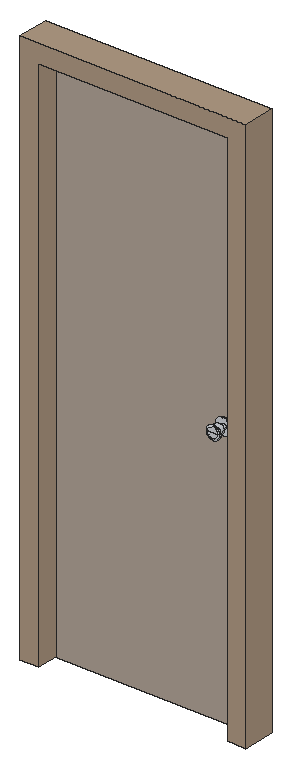
Revit family "D6_木門", category 門, Revit 2014
Parameters (values of type "85 x 210 cm")
  熱阻 (R) = 0.270117 (m²·K)/W
  Visual Light Transmittance = 0
  Solar Heat Gain Coefficient = 0
  營造類型 Id = "MDOOR"
  關鍵註記 = "單開門-矩形"
  傳熱係數 (U) = 3.7021 W/(m²·K)
  功能 = 室內
  門扇材料 = none
  門扇寬度 = Width - 2 * 開門側框寬度  # 750 mm
  門扇厚度 = 40 mm
  Assembly Code = ""
  Rough Height = Height  # 2100 mm
  Rough Width = Width  # 850 mm
  框架深度 = 120 mm
  框擋板寬度 = 門扇厚度 / 2  # 20 mm
  框總寬度 [instance] = 開門側框寬度 + 框擋板寬度  # 70 mm
  Height = 2100 mm
  牆封閉 = 依主體
  框架材料 = none
  開門側框寬度 = 50 mm
  握把五金 = none
  Width = 850 mm
  操作 = "左單開門方向"
  解析營造 = "金屬"
Reference planes
  plane 1: y = -210
  plane 2 "中心 (左/右)": x = 0
  plane 3 "左": x = -425
  plane 4 "右": x = 425
  plane 5: z = 2100
  plane 6 "外部": y = -135
  plane 7 "內部": y = -285
  plane 8: y = 320
  plane 9: y = -740
  plane 10: z = 1050
Forms (mm)
  Sweep 1, solid, material "橡木、紅色"
    path origin (-5000, -210, 0) x (-1, 0, 0) y (0, 0, 1)
      loop
        line (-5425, 0) -> (-5425, 2100) -> (-4575, 2100) -> (-4575, 0)
    profile origin (425, -210, 1050) x (1, 0, 0) y (0, 1, 0)
      loop
        line (0, 60) -> (-50, 60) -> (-50, 20) -> (-70, 20) -> (-70, -60) -> (0, -60) -> (0, 60)
  Extrusion 2, solid, material "橡木、白色"
    sketch origin (-5000, -210, 0) x (1, 0, 0) y (0, 0, 1)
      loop
        line (4625, 2050) -> (4625, 0) -> (5375, 0) -> (5375, 2050) -> (4625, 2050)
    from -60 to -20
Lines and regions (mm)
  Opening 1
    outline origin (-3050, -285, 0) x (1, 0, 0) y (0, 0, 1)
      loop
        line (2625, 0) -> (3475, 0) -> (3475, 2100) -> (2625, 2100) -> (2625, 0)
  symbolic lines, style "Doors"
    curve 1: line (-375, -150, 0) -> (-335, -150, 0)
    curve 2: line (-375, 600, 0) -> (-375, -150, 0)
    curve 3: line (-335, 600, 0) -> (-375, 600, 0)
    curve 4: line (-335, -150, 0) -> (-335, 600, 0)
  symbolic lines, style "平面圖打開方向"
    curve 5: arc (375, -150, 0) -> (169.289, 365.994, 0) -> (-335, 598.933, 0) r 750
  symbolic lines, style "DoorsFrameMullionProjection"
    curve 6: line (-375, -150, 0) -> (-425, -150, 0)
    curve 7: line (-375, -270, 0) -> (-375, -150, 0)
    curve 8: line (-425, -270, 0) -> (-375, -270, 0)
    curve 9: line (-425, -150, 0) -> (-425, -270, 0)
    curve 10: line (375, -150, 0) -> (425, -150, 0)
    curve 11: line (375, -270, 0) -> (375, -150, 0)
    curve 12: line (425, -270, 0) -> (375, -270, 0)
    curve 13: line (425, -150, 0) -> (425, -270, 0)
  symbolic lines, style "立面圖打開方向"
    curve 14: line (-425, -285, 1050) -> (425, -285, 0)
    curve 15: line (-425, -135, 1050) -> (425, -135, 2100)
Text (mm)
  text "外部" at (-2295.016, 1099.543, 0), in view "參考樓層"
  text "外部" at (0, 1615.38, 3698.081), in view "左"
  text "外部" at (0, 1036.032, 3874.932), in view "右"
Dimensions and locks
  equal spacing: plane 3 "左", plane 2 "中心 (左/右)", plane 4 "右"
  "Width": plane 3 "左" to plane 4 "右"
  "Height": plane 5 to host wall
  host wall to plane 5 = 2100 mm  (x2)
  locked: plane 6 "外部" to host wall at 0
  locked: plane 7 "內部" to host wall
  equal spacing: Sweep 1 sketch curve, host wall, Sweep 1 sketch curve
  "框架深度": Sweep 1 sketch curve to Sweep 1 sketch curve
  "門扇厚度": Sweep 1 sketch curve to Sweep 1 sketch curve
  "開門側框寬度": Sweep 1 sketch curve to Sweep 1 sketch curve
  "框擋板寬度": Sweep 1 sketch curve to Sweep 1 sketch curve
  "Width": Sweep 1 sketch curve to Sweep 1 sketch curve
  "門扇厚度": curve 2 to curve 4
  "門扇寬度": curve 3 to curve 1
  "開門側框寬度": curve 11 to Sweep 1
  "開門側框寬度": curve 9 to curve 7
  equal spacing: Sweep 1, host wall, Sweep 1  (x2)
  "框架深度": Sweep 1 to Sweep 1  (x2)
  equal spacing: curve 6, plane 1, curve 8
  "框架深度": curve 6 to curve 8
  equal spacing: curve 12, plane 1, curve 10
  "框架深度": curve 12 to curve 10
  locked: nested 2 to Sweep 1 at 75
  locked: nested 1 to Sweep 1 at 75
  equal spacing: plane 8, plane 1, plane 9
  plane 8 to plane 9 = 1060 mm
  "門扇厚度": Extrusion 2 to Extrusion 2
  equal spacing: plane 5, plane 10, level
  "門扇寬度": radius of curve 5
  aligned and locked: plane 3 "左" to Opening 1 sketch curve
  aligned and locked: plane 5 to Opening 1 sketch curve  (x2)
  aligned and locked: Opening 1 sketch curve to plane 4 "右"
  aligned and locked: Opening 1 sketch curve to level
  aligned and locked: plane 1 to host wall
  aligned and locked: Sweep 1 to Extrusion 2 sketch curve
  aligned and locked: Extrusion 2 sketch curve to Sweep 1  (x2)
  aligned and locked: level to Extrusion 2 sketch curve
  aligned and locked: Extrusion 2 to Sweep 1
  aligned and locked: nested 1 to Extrusion 2
  aligned and locked: Extrusion 2 to nested 2
  aligned and locked: plane 4 "右" to curve 15
  aligned and locked: plane 5 to curve 15
  aligned and locked: level to curve 14
  aligned and locked: plane 4 "右" to curve 14
  aligned and locked: plane 10 to curve 15
  aligned and locked: plane 3 "左" to curve 15
  aligned and locked: curve 14 to curve 15
Automatic sketch dimensions
  Sweep 1 sketch curve to plane 4 "右" = 0 mm
  Sweep 1 sketch curve to level = 0 mm  (x2)
  Sweep 1 sketch curve to plane 5 = 0 mm
  Sweep 1 sketch curve to profile plane = 0 mm
  curve 9 to plane 3 "左" = 0 mm
  curve 12 to plane 4 "右" = 0 mm
  curve 14 to plane 10 = 0 mm
Nested families
  nested 1: "喇叭鎖" at (355, -190, 0) x (-1, 0, 0) z (0, 0, 1), type "喇叭鎖"
  nested 2: "喇叭鎖" at (355, -150, 0) x (-1, 0, 0) z (0, 0, 1), type "喇叭鎖"
  nested 3: "喇叭鎖" at (365, 60, 1000), type "喇叭鎖", not visible
  nested 4: "喇叭鎖" at (365, 20, 1000), type "喇叭鎖", not visible
Definition of nested family "喇叭鎖"
  Parameters (values of type "喇叭鎖")
    Assembly Code = ""
    握把高度 = 1000 mm
    握把與版面側邊距離 = 75 mm
    握把五金 = none
  Reference planes
    plane 1 "中心 (前/後)": y = 0
    plane 2: z = 0
    plane 3 "中心 (左/右)": x = 0
    plane 4: x = 75
  Forms (mm)
    Revolve 1, solid, material <- "握把五金"
      sketch origin (511.236, -60, 1000) x (1, 0, 0) y (0, 1, 0)
        loop
          line (-436.236, 60) -> (-406.236, 60) -> (-406.236, 66) -> (-426.236, 66) -> (-426.236, 85) -> (-417.636, 85) -> (-411.236, 109.7) -> (-411.236, 113.2) -> (-415.736, 115) -> (-436.236, 115) -> (-436.236, 60)
        axis (-436.236, 60) -> (-436.236, 115)
      angle from 0 to 360
  Dimensions and locks
    "握把與版面側邊距離": plane 3 "中心 (左/右)" to plane 4
    "握把高度": Revolve 1 to level
  Automatic sketch dimensions
    plane 3 "中心 (左/右)" to Revolve 1 sketch curve = 75 mm  (x2)
    Revolve 1 sketch curve to plane 1 "中心 (前/後)" = 0 mm
    plane 3 "中心 (左/右)" to Revolve 1 sketch curve = 85 mm
    Revolve 1 sketch curve to Revolve 1 sketch curve = 8.6 mm
    plane 3 "中心 (左/右)" to Revolve 1 sketch curve = 95.5 mm
    Revolve 1 sketch curve to Revolve 1 sketch curve = 4.5 mm
    Revolve 1 sketch curve to Revolve 1 sketch curve = 20 mm
    plane 1 "中心 (前/後)" to Revolve 1 sketch curve = 60 mm
    Revolve 1 sketch curve to Revolve 1 sketch curve = 6 mm
    Revolve 1 sketch curve to Revolve 1 sketch curve = 19 mm
    Revolve 1 sketch curve to Revolve 1 sketch curve = 24.7 mm
    Revolve 1 sketch curve to Revolve 1 sketch curve = 3.5 mm
    Revolve 1 sketch curve to Revolve 1 sketch curve = 1.8 mm
    Revolve 1 sketch curve to Revolve 1 sketch curve = 200 mm
